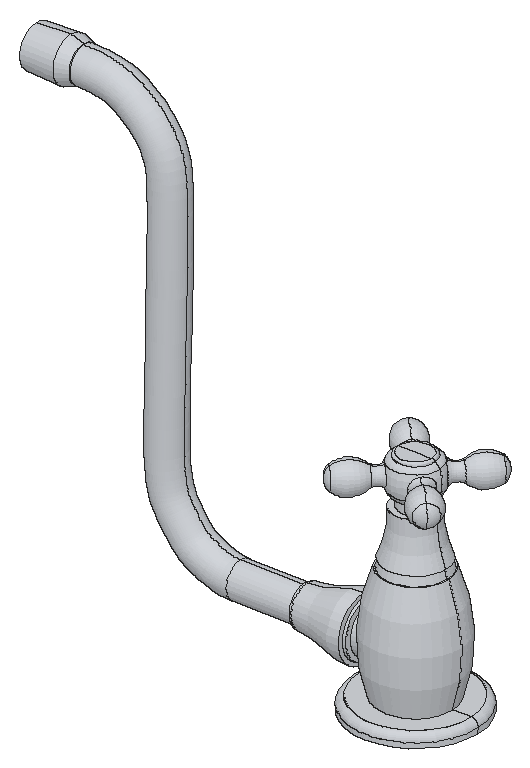
Revit family "01-0835-11-LLAVE MÓVIL PARED S CALIMA", category Plumbing Fixtures, host Face, Revit 2018
Family settings
  Host = Face
  Round Connector Dimension = Use Diameter
  Part Type = Normal
  OmniClass Number = 23.31.11.00
  Cut with Voids When Loaded = No
  Shared = No
  Room Calculation Point = No
Parameters (values of type "01-0835-11")
  Waste Water Outlet = ""
  Plástico - ABS Cromado = Plastico ABS Cromado
  Link Ficha Tecnica = "http://infotecnica.gricol.com/FT_01083511.pdf"
  Waste Connection = 1 = 0  # no
  Vent Connection = 1 = 0  # no
  URL = "https://www.gricol.com/"
  Type Image = 01-0835-11-FOTO LLAVE MOVIL PARED S CALIMA.jpg
  Product Name = "LLAVE MÓVIL PARED S CALIMA"  # constant formula
  Model = "01-0835-11"  # constant formula
  Manufacturer = "Gricol"  # constant formula
  HW Connection = 1 = 1  # yes
  Description = "Monomando"  # constant formula
  Default Elevation = 0.00 mm
  Date Modified = ""
  Date Created = "05/28/2020"  # constant formula
  Copyright = "All rights reserved © Gricol - 2020."  # constant formula
  CW Connection = 1 = 1  # yes
  Assembly Code = ""
  Alto cuerpo-llave = 110.00 mm
  Ancho  manija = 69.00 mm
  Profundidad = 220.90 mm
  Alto = 180.90 mm
Reference planes
  plane 1 "Center (Front/Back)": y = -13.681
  plane 2: z = 0
  plane 3 "Center (Left/Right)": x = 0
  plane 4: z = 110
  plane 5: z = 220.9
  plane 6: z = 0
  plane 7: x = -180.717
Dimensions and locks
  "Alto cuerpo-llave": plane 4 to level
  "Profundidad": plane 5 to level
  "Alto": nested 1 to plane 7
  plane 7 to plane 3 "Center (Left/Right)" = 180.717 mm
  aligned and locked: plane 2 to host face
  aligned and locked: level to host face
Automatic sketch dimensions
  host sketch curve to host sketch curve = 342.614 mm
  host sketch curve to host sketch curve = 205.38 mm
Nested families
  nested 1: "LLAVE MÓVIL PARED S CALIMA" at (0.183, -13.52, 0), type "LLAVE MÓVIL PARED S CALIMA"
Connectors
  piping at (0.183, -13.52, 0), diameter 12.7
    settings: on nested 1, index 1, connector inside diameter 24", connector length 0.00 mm, flow factor 0, pipe flow 0 GPM, pressure drop 0.00 psi, fitting loss kfactor 0, connector angle 0.00°, fixture units 0, engagement length 0.00 mm, angle of deflection 0.00°, flow configuration 0, flow direction 0, fitting loss method 0, system type 7, joint type 0, gender type 0, connector reference index -1, connector utility 0, adjustable connector no, is connector primary yes, connector description ""
Definition of nested family "LLAVE MÓVIL PARED S CALIMA"
  Parameters (values of type "LLAVE MÓVIL PARED S CALIMA")
    Brazo y manija = none
  Reference planes
    plane 1 "Center (Front/Back)": y = 0
    plane 2: z = 0
    plane 3 "Center (Left/Right)": x = 0
    plane 4 "Eje aireador": y = -126
    plane 5: z = 260
    plane 6: z = 110
    plane 7: x = -180.9
    plane 8: z = 39.1
    plane 9: z = 10.8
    plane 10: x = -33.5
    plane 11: x = 33.5
    plane 12: z = 220.9
    plane 13: through (0, 0, 1219.2) normal (-0.7071, -0.7071, 0)
    plane 14: through (0, 0, 1219.2) normal (-0.7071, 0.7071, 0)
    plane 15: through (-25.766, -22.182, 1219.2) normal (-0.7071, -0.7071, 0)
    plane 16: through (26.591, 23.042, 1219.2) normal (-0.7071, -0.7071, 0)
  Forms (mm)
    Revolve 1, solid
      sketch origin (-1.859, 0, 25.975) x (0, 0, -1) y (-1, 0, 0)
        loop
          line (0, 51.56) -> (-7.995, 51.56)
          arc (-7.995, 51.56) -> (-9.172, 51.072) -> (-9.66, 49.895) r 1.665
          spline (-9.66, 49.895) -> (-9.896, 46.695) -> (-10.319, 43.786) -> (-10.883, 41.132) -> (-11.544, 38.697) -> (-12.257, 36.446) -> (-12.979, 34.344) -> (-13.664, 32.353) -> (-14.269, 30.439) -> (-14.75, 28.565) -> (-15.061, 26.697) -> (-15.158, 24.798) -> (-14.997, 22.832)
          line (-14.997, 22.832) -> (-13.125, 22.832) -> (-13.125, 21.124) -> (-10.548, 21.124) -> (-10.548, 11.491) -> (0, 11.491) -> (0, 51.56)
        axis (0, 51.56) -> (0, 11.491)
      angle from 0 to 360
    Sweep 2, solid
      path origin (37.164, 0, 25.975) x (0, 0, 1) y (1, 0, 0)
        loop
          line (0, -88.919) -> (0, -120.822)
          spline (0, -120.822) -> (9.924, -143.732) -> (23.859, -152.827) -> (34.112, -155.293) -> (47.189, -155.98) -> (68.098, -155.758) -> (99.464, -155.051) -> (132.983, -154.45) -> (157.043, -154.608) -> (169.366, -156.363) -> (177.848, -160.773) -> (188.78, -172.234) -> (194.308, -195.688)
      profile origin (-67.706, 0, 25.975) x (0, 0, 1) y (0, 1, 0)
        loop
          circle (0, 0) r 8.488
    Revolve 3, solid
      sketch origin (-417.317, 0, 358.035) x (0, 0, -1) y (-1, 0, 0)
        loop
          line (129.164, -258.793) -> (137.752, -258.793) -> (137.752, -245.983) -> (129.11, -245.576) -> (129.542, -236.417) -> (127.751, -236.417) -> (126.974, -252.875) -> (129.164, -258.793)
        axis (137.752, -236.417) -> (137.752, -258.793)
      angle from 0 to 360
    Revolve 4, solid
      sketch origin (0, 0, 0) x (1, 0, 0) y (0, 0, 1)
        loop
          line (0, 86.893) -> (-10.757, 86.893)
          arc (-10.757, 86.893) -> (-11.256, 75.731) -> (-14.666, 65.09) r 42.237
          line (-14.666, 65.09) -> (-13.854, 65.09) -> (-15.029, 60.859) -> (-15.813, 60.859)
          arc (-15.813, 60.859) -> (-21.892, 33.554) -> (-17.733, 5.892) r 76.391
          line (-17.733, 5.892) -> (-26.806, 5.892)
          arc (-26.806, 5.892) -> (-29.035, 4.736) -> (-30, 2.417) r 3.672
          line (-30, 2.417) -> (-30, 0) -> (0, 0) -> (0, 86.893)
        axis (0, 0) -> (0, 86.893)
      angle from 0 to 360
    Revolve 5, solid
      sketch origin (-59.643, 0, 28.236) x (1, 0, 0) y (0, 0, 1)
        loop
          line (59.643, 57.665) -> (67.226, 57.665) -> (67.226, 64.049) -> (59.643, 64.049) -> (59.643, 57.665)
        axis (59.643, 57.665) -> (59.643, 64.049)
      angle from 0 to 360
    Revolve 6, solid
      sketch origin (64.127, -63.34, 31.8) x (-0.707107, 0.707107, 0) y (0, 0, 1)
        loop
          line (86.045, 69.083) -> (86.045, 76.634)
          arc (86.045, 76.634) -> (82.462, 76.655) -> (79.277, 75.016) r 7.519
          arc (79.277, 75.016) -> (76.032, 73.035) -> (72.282, 73.656) r 5.453
          arc (72.282, 73.656) -> (64.911, 76.538) -> (57.294, 74.392) r 12.441
          arc (57.294, 74.392) -> (55.607, 71.985) -> (55.149, 69.083) r 6.519
          line (55.149, 69.083) -> (86.045, 69.083)
        axis (86.045, 69.083) -> (55.149, 69.083)
      angle from 0 to 360
    Revolve 7, solid
      sketch origin (0, 0, 13.125) x (1, 0, 0) y (0, 0, 1)
        loop
          line (0, 78.307) -> (6.629, 78.307)
          arc (6.629, 78.307) -> (9.606, 79.457) -> (11.571, 81.972) r 5.993
          arc (11.571, 81.972) -> (12.712, 87.698) -> (11.571, 93.423) r 14.93
          arc (11.571, 93.423) -> (10.527, 94.869) -> (8.948, 95.696) r 3.883
          line (8.948, 95.696) -> (0, 95.696) -> (0, 78.307)
        axis (0, 95.696) -> (0, 78.307)
      angle from 0 to 360
    Revolve 8, solid
      sketch origin (0, 0, 29.718) x (1, 0, 0) y (0, 0, 1)
        loop
          line (0, 79.095) -> (8.949, 79.095)
          arc (8.949, 79.095) -> (8.649, 79.929) -> (7.836, 80.281) r 1.115
          line (7.836, 80.281) -> (0, 80.281) -> (0, 79.095)
        axis (0, 80.281) -> (0, 79.095)
      angle from 0 to 360
    Revolve 9, solid
      sketch origin (-63.34, 64.127, 31.8) x (0.707107, -0.707107, 0) y (0, 0, -1)
        loop
          line (86.045, -69.083) -> (55.149, -69.083)
          arc (55.149, -69.083) -> (55.607, -71.985) -> (57.294, -74.392) r 6.519
          arc (57.294, -74.392) -> (64.911, -76.538) -> (72.282, -73.656) r 12.441
          arc (72.282, -73.656) -> (76.032, -73.035) -> (79.277, -75.016) r 5.453
          arc (79.277, -75.016) -> (82.462, -76.655) -> (86.045, -76.634) r 7.519
          line (86.045, -76.634) -> (86.045, -69.083)
        axis (86.045, -69.083) -> (55.149, -69.083)
      angle from 0 to 360
    Revolve 10, solid
      sketch origin (-63.34, -63.34, 31.8) x (0.707107, 0.707107, 0) y (0, 0, 1)
        loop
          line (86.045, 69.083) -> (86.045, 76.634)
          arc (86.045, 76.634) -> (82.462, 76.655) -> (79.277, 75.016) r 7.519
          arc (79.277, 75.016) -> (76.032, 73.035) -> (72.282, 73.656) r 5.453
          arc (72.282, 73.656) -> (64.911, 76.538) -> (57.294, 74.392) r 12.441
          arc (57.294, 74.392) -> (55.607, 71.985) -> (55.149, 69.083) r 6.519
          line (55.149, 69.083) -> (86.045, 69.083)
        axis (86.045, 69.083) -> (55.149, 69.083)
      angle from 0 to 360
    Revolve 11, solid
      sketch origin (64.127, 64.127, 31.8) x (-0.707107, -0.707107, 0) y (0, 0, -1)
        loop
          line (86.045, -69.083) -> (55.149, -69.083)
          arc (55.149, -69.083) -> (55.607, -71.985) -> (57.294, -74.392) r 6.519
          arc (57.294, -74.392) -> (64.911, -76.538) -> (72.282, -73.656) r 12.441
          arc (72.282, -73.656) -> (76.032, -73.035) -> (79.277, -75.016) r 5.453
          arc (79.277, -75.016) -> (82.462, -76.655) -> (86.045, -76.634) r 7.519
          line (86.045, -76.634) -> (86.045, -69.083)
        axis (86.045, -69.083) -> (55.149, -69.083)
      angle from 0 to 360
  Cuts and joins
    joined: Revolve 1, Revolve 4
  Dimensions and locks
    plane 4 "Eje aireador" to plane 1 "Center (Front/Back)" = 126.00 mm  (x2)
    plane 1 "Center (Front/Back)" to plane 4 "Eje aireador" = 126.00 mm
    plane 5 to plane 2 = 260.00 mm
    plane 5 to plane 8 = 220.90 mm
    plane 7 to plane 3 "Center (Left/Right)" = 180.90 mm  (x2)
    locked: plane 10 to plane 11 at 67
    plane 11 to plane 3 "Center (Left/Right)" = 33.50 mm
    plane 2 to plane 12 = 220.90 mm
    Revolve 4 sketch curve to Revolve 4 sketch curve = 30.00 mm
    plane 6 to level = 110.00 mm  (x2)
    plane 12 to plane 2 = 220.90 mm
    plane 15 to plane 16 = 69.00 mm
    plane 3 "Center (Left/Right)" to plane 7 = 180.90 mm
    aligned and locked: level to plane 2
